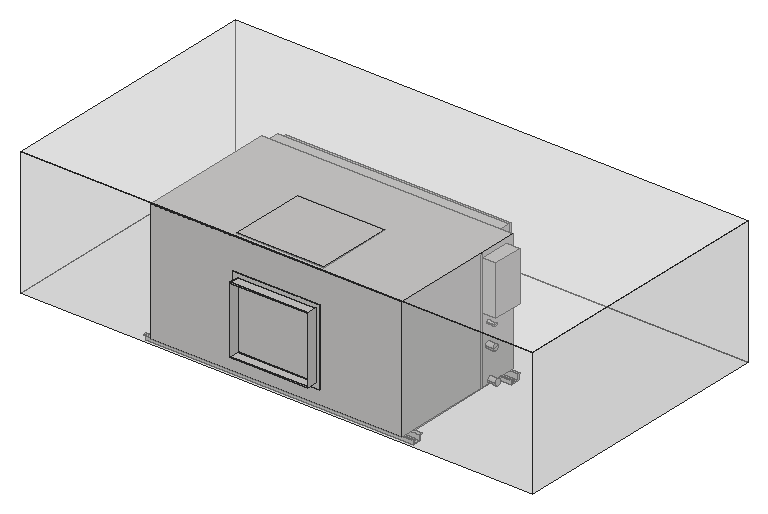
Revit family "outputfile", category 機械設備, Revit 2024
Family settings
  丸型コネクタ寸法 = 半径を使用
  パーツ タイプ = 標準
  OmniClass 番号 = 23.75.10.24.21.27.27
  OmniClass タイトル = Split System Air Conditioning Units
  作業面ベース = いいえ
  常に垂直 = はい
  ロード時にボイドで切り取り = いいえ
  注釈の向きを維持 = いいえ
  共有 = いいえ
  部屋計算ポイント = はい
Parameters (values of type "FDN150HYL")
  Description = ""
  書き出し IFC クラス(タイプ) = "IfcUnitaryEquipmentType"
  定義済み IFC タイプ(タイプ) = "AIRCONDITIONINGUNIT"
  Cost = 0
  Type Comments = ""
  Keynote = ""
  Type Image = (empty or 0)
  Assembly Code = ""
  switch_frequency = yes
  lw_power = 813 mm
  lw_box = 86 mm
  lw_RA = 733.5 mm
  lh_liquidpipe_2 = 738 mm
  lh_height_SA = 408 mm
  lh_ld_mountinghole_height = 35 mm
  lh_height_RA = 646 mm
  lh_hangerfixture = 35 mm
  lh_gaspipe_2 = 638 mm
  lh_box_top = 24 mm
  lh_box = 302 mm
  lh_SA = 351 mm
  lh_RA = 413 mm
  ld_depth_SA = 60 mm
  ld_depth_RA = 130 mm
  ld_box_left = 610 mm
  ld_box = 180 mm
  connector_voltage = Voltage_60Hz  # 380 V
  connector_powerinput = [Power Input (Cooling)]  # 15.110 kW
  connector_phase = Phase_60Hz  # 3
  URL = ""
  Supply Air Direction [instance] = yes
  製造元 = "Daikin"
  モデル = "FDN150HYL"
  w_pipe = 33 mm
  r_Liquid Pipe Size = Liquid Pipe Size / 2  # 7.95 mm
  r_Gas Pipe Size = Gas Pipe Size / 2  # 17.45 mm
  r_Drain Pipe Size = Drain Pipe Size / 2  # 17.0 mm
  lw_width_RA = 1377 mm
  lw_width_SA = 474 mm
  ld_suctionflange [instance] = 190 mm
  ld_powersupply = 275 mm
  Voltage_comment_60Hz = "380"
  Voltage_60Hz = 380 V
  Sound Power Level_H speed (dB) = 0
  Phase_60Hz = 3
  Minimum External Static Pressure = 0.00 Pa
  Minimum Circuit Amps_60Hz = 0.0 A
  Maximum Fuse Amps_60Hz = 0.0 A
  Maximum External Static Pressure = 150.00 Pa
  Material_Casing = DAIKIN_GalvanizedSteel_Casing_indoorunit
  lw_liquidpipe = 822 mm
  lw_gaspipe = 822 mm
  lw_mountinghole_pitch = 1600 mm
  lw_mountinghole = 1640 mm
  lw_drainpipe = 822 mm
  lh_powersupply = 425 mm
  lh_liquidpipe = 384 mm
  lh_gaspipe = 259 mm
  lh_mountinghole = 2.3 mm
  lh_drainpipe = 61 mm
  lh_antena = Height - lh_mountinghole + 1 mm  # 774.7 mm
  ld_liquidpipe = 225 mm
  ld_gaspipe = 225 mm
  ld_mountinghole_pitch = 754 mm
  ld_drainpipe = 242 mm
  h*** = 0 mm  # constant formula
  d_dischargeflange = ld_depth_SA  # 60 mm
  Width = 1540 mm
  Version = "ver.1.0"
  Unit Type = "Duct"
  Unit Mass Weight = 159.00 kg
  Unit Designation [instance] = ""
  Uniclass2015Version = "Products v1.30"
  Uniclass2015Title = "Split coil room air conditioning units"
  Uniclass2015Code = "Pr_70_65_03_86"
  Total Cooling Capacity [instance] = 0.000 kW
  Sound Pressure Level_M speed (dBA) = 0
  Sound Pressure Level_L speed (dBA) = 0
  Sound Pressure Level_H speed (dBA) = 56
  Series = "Package Aircon_Fan Coil Unit"
  Sensible Cooling Capacity [instance] = 0.000 kW
  SA Duct Size Width = 474 mm
  SA Duct Size Height = 408 mm
  Refrigerant Type = "R410A"
  RA Duct Size Width = 1377 mm
  RA Duct Size Height = 646 mm
  Power Input (Cooling) = 15.110 kW
  Option Accessory 3 [instance] = ""
  Option Accessory 2 [instance] = ""
  Option Accessory 1 [instance] = ""
  Nominal Cooling Capacity = 43.962 kW
  Minimum Airflow = 0.00 m³/h
  Median Airflow = 0.00 m³/h
  Maximum Airflow = 7646.00 m³/h
  Load Classification = HVAC
  Liquid Pipe Size = 15.9 mm
  Link_Nested Family [instance] = ""
  IfcVersion = ""
  IfcExportType = "AIRCONDITIONINGUNIT"
  IfcExportAs = "IfcUnitaryEquipmentType"
  Height = 776 mm
  Heat Exchanger Type = "Cross Fin Coil"
  Gas Pipe Size = 34.9 mm
  Frequency_60Hz = 60 Hz
  Fan Type = "Sirocco Fan"
  Fan Drive = "-"
  FCU Tag No. [instance] = ""
  Drain Pipe Size = 34.0 mm
  Design Supply Airflow [instance] = 0.00 m³/h
  Design Return Airflow [instance] = 0.00 m³/h
  Design External Static Pressure [instance] = 0.00 Pa
  Depth = 850 mm
  既定の高さ = 0 mm
  Cooling Entering Wet Bulb Temperature [instance] = 0.00 °C
  Cooling Entering Dry Bulb Temperature [instance] = 0.00 °C
  Cooling Ambient Wet Bulb Temperature [instance] = 0.00 °C
  Cooling Ambient Dry Bulb Temperature [instance] = 0.00 °C
  Clearance visibility [instance] = yes
  Clearance Top = 0 mm
  Clearance Right = 800 mm
  Clearance Rear = 800 mm
  Clearance Left = 800 mm
  Clearance Front = 0 mm
  Clearance Bottom = 0 mm
Reference planes
  plane 1 "Center (Front/Back)": y = 0
  plane 2: z = 0
  plane 3 "Center (Left/Right)": x = 0
  plane 4 "Back": y = 425
  plane 5 "Front": y = -425
  plane 6 "Left": x = -770
  plane 7 "Right": x = 770
  plane 8 "Top": z = 0
  plane 9 "Bottom": z = -776
  plane 10: z = -392
  plane 11: z = -517
  plane 12: x = -800
  plane 13: x = 800
  plane 14: x = 822
  plane 15: x = 822
  plane 16: z = -773.7
  plane 17 "Clearance Left": x = -1570
  plane 18 "Clearance Right": x = 1570
  plane 19 "Clearance Rear": y = 1225
  plane 20 "Clearance Front": y = -425
  plane 21 "Clearance Bottom": z = -776
  plane 22: z = -715
  plane 23 "ld_gas": y = 225
  plane 24: y = 225
  plane 25: y = -30
  plane 26: y = 242
  plane 27: y = 235
  plane 28: x = 822
  plane 29: y = 377
  plane 30: y = -377
  plane 31: y = -485
  plane 32: y = 555
  plane 33 "Clearance Top": z = 0
  plane 34: z = -351
  plane 35: y = 275
  plane 36 "hangerfixture": z = -741
  plane 37 "lh_SA": z = -425
  plane 38 "lh_RA": z = -363
  plane 39 "RA_center": x = -36.5
  plane 40: x = 886
  plane 41: x = 856
  plane 42: y = 185
  plane 43: y = 365
  plane 44 "box_bottom": z = -326
  plane 45 "box_top": z = -24
  plane 46: x = -267
  plane 47: x = 267
  plane 48: y = -394.5
  plane 49: y = 73.5
  plane 50 "lw_power": x = 813
  plane 51: z = -38
  plane 52: z = -138
  plane 53: z = -1
Forms (mm)
  Extrusion 1, solid, material "DAIKIN_GalvanizedSteel_Casing_indoorunit" <- "Material_Casing"
    sketch origin (0, -0.8, 0) x (1, 0, 0) y (0, 1, 0)
      loop
        line (-770, -424.2) -> (770, -424.2) -> (770, 425.8) -> (-770, 425.8) -> (-770, -424.2)
    from -741 to -1
  Revolve 2, solid, material "DAIKIN_GalvanizedSteel_Casing_indoorunit" <- "Material_Casing"
    sketch origin (0, 0, -517) x (0, -1, 0) y (1, 0, 0)
      loop
        line (-207.55, 770) -> (-207.55, 822) -> (-225, 822) -> (-225, 770) -> (-207.55, 770)
      axis (-225, 770) -> (-225, 822)
    angle from 0 to 360
  Revolve 3, solid, material "DAIKIN_GalvanizedSteel_Casing_indoorunit" <- "Material_Casing"
    sketch origin (0, 0, -392) x (0, -1, 0) y (1, 0, 0)
      loop
        line (-225, 770) -> (-225, 822) -> (-232.95, 822) -> (-232.95, 770) -> (-225, 770)
      axis (-225, 822) -> (-225, 770)
    angle from 0 to 360
  Extrusion 4, solid, material "DAIKIN_GalvanizedSteel_Casing_indoorunit" <- "Material_Casing"
    sketch origin (0, 0, 0) x (0, 1, 0) y (0, 0, 1)
      loop
        circle (242, -715) r 17
    from 822 to 770
  Extrusion 5, solid, material "DAIKIN_GalvanizedSteel_Casing_indoorunit" <- "Material_Casing"
    sketch origin (0, 0, 0) x (1, 0, 0) y (0, 1, 0)
      loop
        line (856, 185) -> (856, 365) -> (770, 365) -> (770, 185) -> (856, 185)
    from -326 to -24
  Extrusion 6, solid, material "DAIKIN_GalvanizedSteel_Casing_indoorunit" <- "Material_Casing"
    sketch origin (0, 0, 0) x (-1, 0, 0) y (0, -1, 0)
      loop
        line (267, -73.5) -> (267, 394.5) -> (-267, 394.5) -> (-267, -73.5) -> (267, -73.5)
    from -1 to 0
  Extrusion 7, solid, material "DAIKIN_GalvanizedSteel_Casing_indoorunit" <- "Material_Casing"
    sketch origin (0, 0, 0) x (0, 1, 0) y (0, 0, 1)
      loop
        line (-339, -741) -> (-339, -743.3) -> (339, -743.3) -> (339, -741) -> (-339, -741)
    from -770 to 770
  Extrusion 8, solid, material "DAIKIN_GalvanizedSteel_Casing_indoorunit" <- "Material_Casing"
    sketch origin (770, 0, 0) x (0, 1, 0) y (0, 0, 1)
      loop
        line (174, -1) -> (174, -741) -> (184, -741) -> (184, -1) -> (174, -1)
    from 0 to 1
Dimensions and locks
  equal spacing: plane 12, plane 3 "Center (Left/Right)", plane 13
  "lw_mountinghole_pitch": plane 12 to plane 13
  "lh_liquidpipe": plane 10 to plane 9 "Bottom"
  "lh_gaspipe": plane 11 to plane 9 "Bottom"
  equal spacing: plane 6 "Left", plane 3 "Center (Left/Right)", plane 7 "Right"
  "Width": plane 6 "Left" to plane 7 "Right"
  "Clearance Right": plane 7 "Right" to plane 18 "Clearance Right"
  "Clearance Left": plane 17 "Clearance Left" to plane 6 "Left"
  "Clearance Rear": plane 19 "Clearance Rear" to plane 4 "Back"
  "Clearance Front": plane 5 "Front" to plane 20 "Clearance Front"
  "Depth": plane 4 "Back" to plane 5 "Front"
  equal spacing: plane 4 "Back", plane 1 "Center (Front/Back)", plane 5 "Front"
  "ld_suctionflange": plane 4 "Back" to plane 27
  "r_Liquid Pipe Size": nested 5 to Revolve 3 sketch curve
  equal spacing: plane 29, plane 1 "Center (Front/Back)", plane 30
  "ld_mountinghole_pitch": plane 29 to plane 30
  "lw_liquidpipe": plane 3 "Center (Left/Right)" to plane 14
  "lw_gaspipe": plane 3 "Center (Left/Right)" to plane 15
  "lw_drainpipe": plane 3 "Center (Left/Right)" to plane 28
  "lh_drainpipe": plane 22 to plane 9 "Bottom"
  "Clearance Top": plane 33 "Clearance Top" to plane 8 "Top"
  "Clearance Bottom": plane 9 "Bottom" to plane 21 "Clearance Bottom"
  "lh_powersupply": plane 34 to plane 9 "Bottom"
  level to plane 8 "Top" = 0 mm
  "lh_hangerfixture": plane 36 "hangerfixture" to plane 9 "Bottom"
  "lh_SA": plane 37 "lh_SA" to plane 9 "Bottom"
  "ld_depth_SA": plane 5 "Front" to plane 31
  "ld_depth_RA": plane 32 to plane 4 "Back"
  "lh_RA": plane 38 "lh_RA" to plane 9 "Bottom"
  "lw_RA": plane 6 "Left" to plane 39 "RA_center"
  "ld_box_left": plane 42 to plane 5 "Front"
  "ld_box": plane 43 to plane 42
  "lw_box": plane 7 "Right" to plane 41
  "lh_box": plane 45 "box_top" to plane 44 "box_bottom"
  plane 46 to plane 3 "Center (Left/Right)" to plane 47 = 267 mm locked, 267 mm locked
  plane 49 to plane 48 to plane 5 "Front" = 468 mm locked, 30.5 mm locked
  "lw_power": plane 3 "Center (Left/Right)" to plane 50 "lw_power"
  "lh_gaspipe_2": plane 52 to plane 9 "Bottom"
  "lh_liquidpipe_2": plane 51 to plane 9 "Bottom"
  "ld_powersupply": plane 1 "Center (Front/Back)" to plane 35
  "ld_drainpipe": plane 26 to plane 1 "Center (Front/Back)"
  "ld_gaspipe": plane 23 "ld_gas" to plane 1 "Center (Front/Back)"
  "r_Gas Pipe Size": plane 23 "ld_gas" to Revolve 2 sketch curve
  "ld_liquidpipe": plane 24 to plane 1 "Center (Front/Back)"
  "Height": plane 8 "Top" to plane 9 "Bottom"
  "lh_mountinghole": plane 16 to plane 9 "Bottom"
  "lh_box_top": plane 33 "Clearance Top" to plane 45 "box_top"
  locked: plane 8 "Top" to plane 53 at 1
  Extrusion 8 sketch curve to Extrusion 8 sketch curve to plane 4 "Back" = 10 mm locked, 241 mm locked
  "r_Drain Pipe Size": radius of Extrusion 4 sketch curve
  aligned and locked: level to plane 2
  aligned and locked: Revolve 2 sketch curve to Revolve 2 sketch curve
  aligned and locked: plane 14 to nested 5
  aligned and locked: nested 5 to plane 10
  aligned and locked: plane 13 to nested 2
  aligned and locked: plane 12 to nested 3
  aligned and locked: plane 12 to nested 4
  aligned and locked: nested 6 to plane 11
  aligned and locked: plane 23 "ld_gas" to nested 6
  aligned and locked: plane 24 to nested 5
  aligned and locked: Extrusion 4 sketch curve to plane 26
  aligned and locked: nested 11 to plane 19 "Clearance Rear"
  aligned and locked: plane 18 "Clearance Right" to nested 11
  aligned and locked: plane 17 "Clearance Left" to nested 11
  aligned and locked: nested 11 to plane 20 "Clearance Front"
  aligned and locked: plane 28 to Extrusion 4
  aligned and locked: plane 15 to nested 6  (x2)
  aligned and locked: plane 13 to nested 1
  aligned and locked: plane 26 to nested 7
  aligned and locked: nested 7 to plane 22
  aligned and locked: nested 7 to plane 28
  aligned and locked: nested 9 to plane 1 "Center (Front/Back)"
  aligned and locked: plane 3 "Center (Left/Right)" to nested 9
  aligned and locked: plane 29 to nested 1
  aligned and locked: plane 30 to nested 2
  aligned and locked: nested 4 to plane 29
  aligned and locked: nested 3 to plane 30
  aligned and locked: nested 10 to plane 4 "Back"
  aligned and locked: nested 8 to plane 31
  aligned and locked: plane 32 to nested 14
  aligned and locked: plane 3 "Center (Left/Right)" to nested 13
  aligned and locked: nested 11 to plane 33 "Clearance Top"
  aligned and locked: nested 11 to plane 21 "Clearance Bottom"
  aligned and locked: nested 12 to plane 9 "Bottom"
  aligned and locked: plane 36 "hangerfixture" to Extrusion 1
  aligned and locked: plane 37 "lh_SA" to nested 8
  aligned and locked: Extrusion 1 to plane 5 "Front"
  aligned and locked: nested 13 to plane 31
  aligned and locked: plane 37 "lh_SA" to nested 13
  aligned and locked: Extrusion 1 to plane 4 "Back"
  aligned and locked: plane 38 "lh_RA" to nested 10
  aligned and locked: nested 14 to plane 38 "lh_RA"
  aligned and locked: plane 39 "RA_center" to nested 10
  aligned and locked: nested 14 to plane 39 "RA_center"
  aligned and locked: plane 43 to Extrusion 5 sketch curve
  aligned and locked: Extrusion 5 sketch curve to plane 42
  aligned and locked: plane 45 "box_top" to Extrusion 5
  aligned and locked: Extrusion 5 to plane 44 "box_bottom"
  aligned and locked: Extrusion 6 sketch curve to plane 49
  aligned and locked: Extrusion 6 sketch curve to plane 46
  aligned and locked: plane 48 to Extrusion 6 sketch curve
  aligned and locked: plane 47 to Extrusion 6 sketch curve
  aligned and locked: nested 16 to plane 51
  aligned and locked: nested 17 to plane 52
  aligned and locked: plane 14 to nested 16
  aligned and locked: nested 15 to plane 35
  aligned and locked: Revolve 2 sketch curve to plane 23 "ld_gas"
  aligned and locked: plane 23 "ld_gas" to nested 17
  aligned and locked: plane 24 to nested 16
  aligned and locked: plane 36 "hangerfixture" to Extrusion 7 sketch curve
  aligned and locked: Extrusion 7 sketch curve to nested 12  (x3)
  aligned and locked: Extrusion 7 to plane 6 "Left"
  aligned and locked: plane 7 "Right" to Extrusion 7
  aligned and locked: nested 15 to plane 50 "lw_power"
  aligned and locked: level to plane 8 "Top"
  aligned and locked: Extrusion 5 sketch curve to plane 41
  aligned and locked: plane 7 "Right" to Extrusion 5 sketch curve
  aligned and locked: plane 53 to Extrusion 1
  aligned and locked: Extrusion 6 to plane 53
  aligned and locked: plane 8 "Top" to Extrusion 6
  aligned and locked: Extrusion 4 to plane 7 "Right"
  aligned and locked: Revolve 3 to plane 7 "Right"
  aligned and locked: plane 7 "Right" to Revolve 2
  aligned and locked: nested 15 to plane 45 "box_top"
  aligned and locked: Extrusion 8 sketch curve to plane 36 "hangerfixture"
  aligned and locked: Extrusion 8 sketch curve to plane 53
Automatic sketch dimensions
  Extrusion 1 sketch curve to plane 4 "Back" = 0 mm
  Extrusion 1 sketch curve to plane 6 "Left" = 0 mm
  Extrusion 1 sketch curve to plane 5 "Front" = 0 mm
  Extrusion 1 sketch curve to plane 7 "Right" = 0 mm
  Revolve 3 sketch curve to plane 23 "ld_gas" = 0 mm  (x2)
  Revolve 3 sketch curve to plane 14 = 0 mm  (x2)
  plane 7 "Right" to Revolve 3 sketch curve = 0 mm
  plane 7 "Right" to Revolve 3 sketch curve = 1 mm
  Extrusion 4 sketch curve to plane 22 = 0 mm
  Revolve 2 sketch curve to plane 7 "Right" = 0 mm
  Revolve 2 sketch curve to plane 14 = 0 mm
  Revolve 2 sketch curve to Revolve 2 sketch curve = 2.003 mm
  plane 14 to Revolve 2 sketch curve = 1.003 mm
Nested families
  nested 1: "daikin_mountinghole" at (800, 377, -776), Link_Nested Family <- "Link_Nested Family", h_mountinghole <- "lh_mountinghole", l_antenna <- "lh_antena", type "daikin_mountinghole"
    with show yes, l_antenna 774.7 mm, h_mountinghole 2.3 mm, Link_Nested Family "", d_circle 23 mm
  nested 2: "daikin_mountinghole" at (800, -377, -776), Link_Nested Family <- "Link_Nested Family", h_mountinghole <- "lh_mountinghole", l_antenna <- "lh_antena", type "daikin_mountinghole"
    with show yes, l_antenna 774.7 mm, h_mountinghole 2.3 mm, Link_Nested Family "", d_circle 23 mm
  nested 3: "daikin_mountinghole" at (-800, -377, -776), Link_Nested Family <- "Link_Nested Family", h_mountinghole <- "lh_mountinghole", l_antenna <- "lh_antena", type "daikin_mountinghole"
    with show yes, l_antenna 774.7 mm, h_mountinghole 2.3 mm, Link_Nested Family "", d_circle 23 mm
  nested 4: "daikin_mountinghole" at (-800, 377, -776), Link_Nested Family <- "Link_Nested Family", h_mountinghole <- "lh_mountinghole", l_antenna <- "lh_antena", type "daikin_mountinghole"
    with show yes, l_antenna 774.7 mm, h_mountinghole 2.3 mm, Link_Nested Family "", d_circle 23 mm
  nested 5: "daikin_connector_rotate2" at (0, 225, -392) x (0, 1, 0) z (0, 0, 1), length <- "lw_liquidpipe", built-in parameter 1001364 <- "lh_liquidpipe", radius <- "r_Liquid Pipe Size", type "daikin_connector_rotate2"
    with radius 7.95 mm, length 822 mm, angle_vertical 90.00°
  nested 6: "daikin_connector_rotate2" at (0, 225, -517) x (0, 1, 0) z (0, 0, 1), length <- "lw_gaspipe", built-in parameter 1001364 <- "lh_gaspipe", radius <- "r_Gas Pipe Size", type "daikin_connector_rotate2"
    with radius 17.45 mm, length 822 mm, angle_vertical 90.00°
  nested 7: "daikin_connector_rotate2" at (0, 242, -715) x (0, 1, 0) z (0, 0, 1), built-in parameter 1001364 <- "lh_drainpipe", length <- "lw_drainpipe", radius <- "r_Drain Pipe Size", type "daikin_connector_rotate2"
    with radius 17 mm, length 822 mm, angle_vertical 90.00°
  nested 8: "daikin_connector_rotate2" at (0, -425, -425), length <- "d_dischargeflange", type "daikin_connector_rotate2"
    with radius 10 mm, length 60 mm, angle_vertical 90.00°
  nested 9: "daikin_△_symbolicline" at (-75, -129.904, 9) x (-0.5, 0.866, 0) z (0, 0, 1), visible <- "Supply Air Direction", type "daikin_△_symbolicline"
    with length 300 mm
  nested 10: "daikin_ductflange_FDN-HYL" at (-36.5, 425, -363), material <- "Material_Casing", width <- "lw_width_RA", height <- "lh_height_RA", depth <- "ld_depth_RA", type "daikin_ductflange_FDN-HYL"
    with width 1377 mm, material DAIKIN_GalvanizedSteel_Casing_indoorunit, height 646 mm, depth 130 mm
  nested 11: "daikin_clearancespace" at (0, 400, -387.881), visible <- "Clearance visibility", show <- "Clearance visibility", Link_Nested Family <- "Link_Nested Family", type "daikin_clearancespace"
    with width 3140 mm, show yes, height 776 mm, depth 1650 mm, Link_Nested Family ""
  nested 12: "daikin_hangerfixture_FDN-HYL" at (0, 0, -776), type "daikin_hangerfixture_FDN-HYL"
  nested 13: "daikin_ductflange_FDN-HYL_1" at (0, -416, -614.401), width <- "lw_width_SA", material <- "Material_Casing", height <- "lh_height_SA", depth <- "ld_depth_SA", type "daikin_ductflange_FDN-HYL_1"
    with width 474 mm, material DAIKIN_GalvanizedSteel_Casing_indoorunit, height 408 mm, depth 60 mm
  nested 14: "daikin_connector_rotate2" at (-36.5, 425, -363) x (-1, 0, 0) z (0, 0, 1), length <- "ld_depth_RA", type "daikin_connector_rotate2"
    with radius 10 mm, length 130 mm, angle_vertical 90.00°
  nested 15: "daikin_connector_rotate2" at (813, 275, -24) x (0, 1, 0) z (1, 0, 0), length <- "lh_box", type "daikin_connector_rotate2"
    with radius 10 mm, length 302 mm, angle_vertical 90.00°
  nested 16: "daikin_connector_rotate2" at (0, 225, -38) x (0, 1, 0) z (0, 0, 1), length <- "lw_liquidpipe", built-in parameter 1001364 <- "lh_liquidpipe", radius <- "r_Liquid Pipe Size", type "daikin_connector_rotate2"
    with radius 7.95 mm, length 822 mm, angle_vertical 90.00°
  nested 17: "daikin_connector_rotate2" at (0, 225, -138) x (0, 1, 0) z (0, 0, 1), length <- "lw_gaspipe", built-in parameter 1001364 <- "lh_gaspipe", radius <- "r_Gas Pipe Size", type "daikin_connector_rotate2"
    with radius 17.45 mm, length 822 mm, angle_vertical 90.00°
Connectors
  piping at (822, 225, -517), diameter 34.9, driven by "r_Gas Pipe Size"
    settings: on nested 6, index 1, connector inside diameter 609.6 mm, connector length 0 mm, flow factor 0, pipe flow 0.00 m³/h, pressure drop 0.0 Pa, fitting loss kfactor 0, connector angle 0.00°, fixture units 0, engagement length 0 mm, angle of deflection 0.00°, flow configuration 1, flow direction 2, fitting loss method 0, system type 29, joint type 0, gender type 0, connector reference index -1, connector utility 0, adjustable connector no, is connector primary yes, connector description "Refrigerant Gas Piping"
  piping at (822, 225, -392), diameter 15.9, driven by "r_Liquid Pipe Size"
    settings: on nested 5, index 2, connector inside diameter 609.6 mm, connector length 0 mm, flow factor 0, pipe flow 0.00 m³/h, pressure drop 0.0 Pa, fitting loss kfactor 0, connector angle 0.00°, fixture units 0, engagement length 0 mm, angle of deflection 0.00°, flow configuration 1, flow direction 1, fitting loss method 0, system type 29, joint type 0, gender type 0, connector reference index -1, connector utility 0, adjustable connector no, is connector primary no, connector description "Refrigerant Liquid Piping"
  piping at (822, 242, -715), diameter 34, driven by "r_Drain Pipe Size"
    settings: on nested 7, index 3, connector inside diameter 609.6 mm, connector length 0 mm, flow factor 0, pipe flow 0.00 m³/h, pressure drop 0.0 Pa, fitting loss kfactor 0, connector angle 0.00°, fixture units 0, engagement length 0 mm, angle of deflection 0.00°, flow configuration 1, flow direction 2, fitting loss method 4, system type 16, joint type 0, gender type 0, connector reference index -1, connector utility 0, adjustable connector no, is connector primary no, connector description "Condensate Drain Piping"
  hvac at (0, -485, -425), driven by "SA Duct Size Height", driven by "SA Duct Size Width"
    settings: on nested 8, index 7, duct flow 0.00 m³/h, flow factor 0, pres drop 0.00 Pa, loss coef 0, conn angle 0.00°, conn width 474.0 mm, conn height 408.0 mm, conn diameter 609.6 mm, duct sys type 1, conn prof type 1, flow config 0, flow direction 2, loss method 4, conn ref index -1, conn util no, is conn primary yes, conn desc "SA Duct"
  hvac at (-36.5, 555, -363), driven by "RA Duct Size Width", driven by "RA Duct Size Height"
    settings: on nested 14, index 8, duct flow 0.00 m³/h, flow factor 0, pres drop 0.00 Pa, loss coef 0, conn angle 0.00°, conn width 1377.0 mm, conn height 646.0 mm, conn diameter 609.6 mm, duct sys type 2, conn prof type 1, flow config 0, flow direction 1, loss method 4, conn ref index -1, conn util no, is conn primary no, conn desc "RA Duct"
  electrical at (813, 275, -326), driven by "Load Classification", driven by "connector_phase", driven by "connector_powerinput", driven by "connector_voltage"
    settings: on nested 15, index 9, voltage 380 V, apparent load 15110 VA, apparent load phase1 0 VA, apparent load phase2 0 VA, apparent load phase3 0 VA, power factor 1, load classification "HVAC", number of poles 3, system type 30, power factor state 1, is connector primary yes, connector utility no, sub classification motor no, connector description "Power Supply"
Definition of nested family "daikin_ductflange_FDN-HYL"
  Parameters (values of type "daikin_ductflange_FDN-HTL")
    width [instance] = 1624 mm
    t2 = 19 mm
    t = 1 mm
    material [instance] = none
    height [instance] = 747 mm
    depth [instance] = 130 mm
    Default Elevation = 0 mm
  Reference planes
    plane 1 "Center (Front/Back)": y = 0
    plane 2: z = 0
    plane 3 "Center (Left/Right)": x = 0
    plane 4: x = -812
    plane 5: x = 812
    plane 6: z = 373.5
    plane 7: z = -373.5
    plane 8: y = 90
    plane 9: y = 130
    plane 10: x = -811
    plane 11: x = 811
    plane 12: z = -372.5
    plane 13: z = 372.5
    plane 14: x = -831
    plane 15: x = 831
    plane 16: z = 392.5
    plane 17: z = -392.5
  Forms (mm)
    Extrusion 1, solid, material <- "material"
      sketch origin (0, 0, 0) x (1, 0, 0) y (0, 0, 1)
        loop
          line (-831, 392.5) -> (-831, -392.5) -> (831, -392.5) -> (831, 392.5) -> (-831, 392.5)
        loop
          line (-812, 373.5) -> (-812, -373.5) -> (812, -373.5) -> (812, 373.5) -> (-812, 373.5)
      from 0 to -90
    Extrusion 2, solid, material <- "material"
      sketch origin (0, 0, 0) x (1, 0, 0) y (0, 0, 1)
        loop
          line (-812, 373.5) -> (-812, -373.5) -> (812, -373.5) -> (812, 373.5) -> (-812, 373.5)
        loop
          line (811, 372.5) -> (-811, 372.5) -> (-811, -372.5) -> (811, -372.5) -> (811, 372.5)
      from -130 to -90
  Cuts and joins
    joined: Extrusion 1, Extrusion 2
  Dimensions and locks
    equal spacing: plane 5, plane 3 "Center (Left/Right)", plane 4
    "width": plane 5 to plane 4
    equal spacing: plane 6, level, plane 7
    "height": plane 6 to plane 7
    locked: plane 1 "Center (Front/Back)" to plane 8 at 90
    "depth": plane 1 "Center (Front/Back)" to plane 9
    "t": plane 6 to plane 13
    "t": plane 12 to plane 7
    "t": plane 5 to plane 11
    "t": plane 10 to plane 4
    "t2": plane 4 to plane 14
    "t2": plane 15 to plane 5
    "t2": plane 16 to plane 6
    "t2": plane 7 to plane 17
    aligned and locked: level to plane 2
    aligned and locked: Extrusion 1 to plane 8
    aligned and locked: plane 1 "Center (Front/Back)" to Extrusion 1
    aligned and locked: Extrusion 2 to plane 9
    aligned and locked: Extrusion 2 to Extrusion 1
    aligned and locked: plane 13 to Extrusion 2 sketch curve
    aligned and locked: plane 11 to Extrusion 2 sketch curve
    aligned and locked: Extrusion 2 sketch curve to plane 12
    aligned and locked: Extrusion 2 sketch curve to plane 10
    aligned and locked: Extrusion 1 sketch curve to plane 16
    aligned and locked: plane 14 to Extrusion 1 sketch curve
    aligned and locked: plane 17 to Extrusion 1 sketch curve
    aligned and locked: Extrusion 1 sketch curve to plane 15
    aligned and locked: Extrusion 1 sketch curve to plane 6
    aligned and locked: Extrusion 1 sketch curve to plane 5
    aligned and locked: plane 4 to Extrusion 1 sketch curve
    aligned and locked: plane 7 to Extrusion 1 sketch curve
  Automatic sketch dimensions
    Extrusion 2 sketch curve to plane 4 = 0 mm
    Extrusion 2 sketch curve to plane 5 = 0 mm
    Extrusion 2 sketch curve to plane 7 = 0 mm
    Extrusion 2 sketch curve to plane 6 = 0 mm
Definition of nested family "daikin_clearancespace"
  Parameters (values of type "daikin_clearancespace")
    Description = "daikin_clearancespace"
    width [instance] = 1823.963 mm
    show [instance] = yes
    material = none
    height [instance] = 1359.762 mm
    depth [instance] = 880 mm
    Default Elevation = 0 mm
    Link_Nested Family [instance] = ""
  Reference planes
    plane 1 "Center (Front/Back)": y = 0
    plane 2 "Center (Elevation)": z = -0.119
    plane 3 "Center (Left/Right)": x = 0
    plane 4: y = 440
    plane 5: y = -440
    plane 6 "Right": x = 911.982
    plane 7 "Left": x = -911.982
    plane 8 "Top": z = 679.762
    plane 9 "Bottom": z = -680
  Forms (mm)
    Extrusion 1, solid, material <- "material", visible <- "show"
      sketch origin (0, 0, 0) x (1, 0, 0) y (0, 1, 0)
        loop
          line (-911.982, 440) -> (-911.982, -440) -> (911.982, -440) -> (911.982, 440) -> (-911.982, 440)
      from -680 to 679.762
  Lines and regions (mm)
    symbolic lines, visible <- "show"
      curve 1: line (911.982, 440, 0) -> (-911.982, 440, 0)
      curve 2: line (-911.982, 440, 0) -> (-911.982, -440, 0)
      curve 3: line (-911.982, -440, 0) -> (911.982, -440, 0)
      curve 4: line (911.982, -440, 0) -> (911.982, 440, 0)
      curve 5: line (911.982, 0, 679.762) -> (-911.982, 0, 679.762)
      curve 6: line (911.982, 0, -680) -> (911.982, 0, 679.762)
      curve 7: line (-911.982, 0, -680) -> (911.982, 0, -680)
      curve 8: line (-911.982, 0, 679.762) -> (-911.982, 0, -680)
      curve 9: line (0, 440, 679.762) -> (0, -440, 679.762)
      curve 10: line (0, -440, 679.762) -> (0, -440, -680)
      curve 11: line (0, 440, -680) -> (0, 440, 679.762)
      curve 12: line (0, -440, -680) -> (0, 440, -680)
  Dimensions and locks
    "width": plane 7 "Left" to plane 6 "Right"
    "depth": plane 4 to plane 5
    "height": plane 8 "Top" to plane 9 "Bottom"
    equal spacing: plane 7 "Left", plane 3 "Center (Left/Right)", plane 6 "Right"
    equal spacing: plane 4, plane 1 "Center (Front/Back)", plane 5
    equal spacing: plane 8 "Top", plane 2 "Center (Elevation)", plane 9 "Bottom"
    aligned and locked: level to plane 2 "Center (Elevation)"
    aligned and locked: Extrusion 1 sketch curve to plane 4
    aligned and locked: plane 7 "Left" to Extrusion 1 sketch curve
    aligned and locked: Extrusion 1 sketch curve to plane 5
    aligned and locked: Extrusion 1 sketch curve to plane 6 "Right"
    aligned and locked: plane 8 "Top" to Extrusion 1
    aligned and locked: curve 1 to Extrusion 1
    aligned and locked: curve 2 to Extrusion 1
    aligned and locked: curve 3 to Extrusion 1
    aligned and locked: curve 4 to Extrusion 1
    aligned and locked: curve 5 to Extrusion 1
    aligned and locked: curve 6 to Extrusion 1
    aligned and locked: curve 7 to Extrusion 1
    aligned and locked: curve 8 to Extrusion 1
    aligned and locked: curve 9 to Extrusion 1
    aligned and locked: curve 10 to Extrusion 1
    aligned and locked: curve 11 to Extrusion 1
    aligned and locked: curve 12 to Extrusion 1
    aligned and locked: Extrusion 1 to plane 9 "Bottom"
Definition of nested family "daikin_hangerfixture_FDN-HYL"
  Parameters (values of type "daikin_hangerfixture_FDN-HTL")
    width = 1600 mm
    material = none
    height = 35 mm
    e = 38 mm
    depth = 754 mm
    Default Elevation = 0 mm
    G = 1640 mm
    E = 50 mm
  Reference planes
    plane 1 "Center (Front/Back)": y = 0
    plane 2: z = 0
    plane 3 "Center (Left/Right)": x = 0
    plane 4: x = 800
    plane 5: x = -800
    plane 6: z = 35
    plane 7: y = 377
    plane 8: y = -377
    plane 9: x = -820
    plane 10: x = 820
    plane 11: y = 415
    plane 12: y = -415
    plane 13: y = -339
    plane 14: y = 339
  Forms (mm)
    Extrusion 1, solid
      sketch origin (0, 0, 0) x (0, 1, 0) y (0, 0, 1)
        loop
          line (-354, 35) -> (-354, 2.3) -> (-400, 2.3) -> (-400, 35) -> (-415, 35) -> (-415, 32.7) -> (-402.3, 32.7) -> (-402.3, 0) -> (-351.7, 0) -> (-351.7, 32.7) -> (-339, 32.7) -> (-339, 35) -> (-354, 35)
        loop
          line (354, 35) -> (339, 35) -> (339, 32.7) -> (351.7, 32.7) -> (351.7, 0) -> (402.3, 0) -> (402.3, 32.7) -> (415, 32.7) -> (415, 35) -> (400, 35) -> (400, 2.3) -> (354, 2.3) -> (354, 35)
      from -820 to 820
    Extrusion 2, void
      sketch origin (0, 0, 0) x (1, 0, 0) y (0, 1, 0)
        loop
          circle (-800, 377) r 7.5
        loop
          circle (-800, -377) r 7.5
        loop
          circle (800, -377) r 7.5
        loop
          circle (800, 377) r 7.5
      from 0 to 9
  Cuts and joins
    Extrusion 2 cuts Extrusion 1
  Dimensions and locks
    "width": plane 5 to plane 4
    equal spacing: plane 5, plane 3 "Center (Left/Right)", plane 4
    "depth": plane 8 to plane 7
    equal spacing: plane 8, plane 1 "Center (Front/Back)", plane 7
    "height": plane 6 to level
    "e": plane 7 to plane 11
    "e": plane 12 to plane 8
    equal spacing: Extrusion 1 sketch curve, plane 8, Extrusion 1 sketch curve  (x2)
    "e": Extrusion 1 sketch curve to plane 8 to Extrusion 1 sketch curve
    locked: Extrusion 1 sketch curve to level at 2.3  (x2)
    "e": plane 7 to Extrusion 1 sketch curve  (x2)
    equal spacing: Extrusion 1 sketch curve, plane 7, Extrusion 1 sketch curve  (x2)
    equal spacing: plane 9, plane 3 "Center (Left/Right)", plane 10
    "G": plane 9 to plane 10
    aligned and locked: level to plane 2
    aligned and locked: plane 6 to Extrusion 1 sketch curve  (x2)
    aligned and locked: Extrusion 1 sketch curve to level
    aligned and locked: level to Extrusion 1 sketch curve
    aligned and locked: Extrusion 1 to plane 9
    aligned and locked: plane 10 to Extrusion 1
    aligned and locked: plane 7 to Extrusion 2 sketch curve  (x2)
    aligned and locked: plane 5 to Extrusion 2 sketch curve  (x2)
    aligned and locked: plane 8 to Extrusion 2 sketch curve  (x2)
    aligned and locked: plane 4 to Extrusion 2 sketch curve  (x2)
    aligned and locked: cut or joined group of Extrusion 1, Extrusion 2 to plane 14  (x2)
    aligned and locked: plane 13 to cut or joined group of Extrusion 1, Extrusion 2
  Automatic sketch dimensions
    Extrusion 1 sketch curve to plane 6 = 0 mm  (x2)
    Extrusion 1 sketch curve to plane 6 = 2.3 mm  (x3)
    Extrusion 1 sketch curve to plane 12 = 12.7 mm
    Extrusion 1 sketch curve to Extrusion 1 sketch curve = 2.3 mm  (x3)
    plane 14 to Extrusion 1 sketch curve = 12.7 mm
    radius of Extrusion 2 sketch curve = 7.5 mm  (x4)
Definition of nested family "daikin_ductflange_FDN-HYL_1"
  Parameters (values of type "daikin_ductflange_FDN-HTL_1")
    width [instance] = 474 mm
    t3 = 9 mm
    t2 = 30 mm
    t [instance] = 1.2 mm
    material [instance] = none
    height [instance] = 408 mm
    depth [instance] = 60 mm
    Default Elevation = 0 mm
  Reference planes
    plane 1 "Center (Front/Back)": y = 0
    plane 2: z = 189.401
    plane 3 "Center (Left/Right)": x = 0
    plane 4: y = 0
    plane 5: y = -69
    plane 6: y = -9
    plane 7: z = 394.601
    plane 8: z = -15.799
    plane 9: x = -237
    plane 10: x = 237
    plane 11: x = -238.2
    plane 12: x = 238.2
    plane 13: z = 393.401
    plane 14: z = -14.599
    plane 15: x = -267
    plane 16: z = 423.401
    plane 17: z = -44.599
    plane 18: x = 267
  Forms (mm)
    Extrusion 1, solid, material <- "material"
      sketch origin (0, 0, 0) x (1, 0, 0) y (0, 0, 1)
        loop
          line (-238.2, 394.601) -> (-238.2, -15.799) -> (238.2, -15.799) -> (238.2, 394.601) -> (-238.2, 394.601)
        loop
          line (-237, 393.401) -> (-237, -14.599) -> (237, -14.599) -> (237, 393.401) -> (-237, 393.401)
      from 9 to 69
    Extrusion 2, solid, material <- "material"
      sketch origin (0, 0, 0) x (1, 0, 0) y (0, 0, 1)
        loop
          line (-267, 423.401) -> (-267, -44.599) -> (267, -44.599) -> (267, 423.401) -> (-267, 423.401)
        loop
          line (-237, 393.401) -> (-237, -14.599) -> (237, -14.599) -> (237, 393.401) -> (-237, 393.401)
      from 0 to 9
  Cuts and joins
    joined: Extrusion 1, Extrusion 2
  Dimensions and locks
    plane 4 to plane 1 "Center (Front/Back)" = 0 mm
    equal spacing: plane 7, level, plane 8
    "height": plane 13 to plane 14
    equal spacing: plane 10, plane 3 "Center (Left/Right)", plane 9
    "t": plane 9 to plane 11
    "t": plane 12 to plane 10
    "t": plane 7 to plane 13
    "t": plane 14 to plane 8
    "t2": plane 9 to plane 15
    "t2": plane 18 to plane 10
    "t2": plane 16 to plane 13
    "t2": plane 14 to plane 17
    "width": plane 10 to plane 9
    "depth": plane 5 to plane 6
    "t3": plane 6 to plane 4
    aligned and locked: level to plane 2
    aligned and locked: Extrusion 1 sketch curve to plane 7
    aligned and locked: plane 11 to Extrusion 1 sketch curve
    aligned and locked: plane 8 to Extrusion 1 sketch curve
    aligned and locked: Extrusion 1 sketch curve to plane 12
    aligned and locked: Extrusion 1 sketch curve to plane 13
    aligned and locked: plane 9 to Extrusion 1 sketch curve
    aligned and locked: plane 14 to Extrusion 1 sketch curve
    aligned and locked: Extrusion 1 sketch curve to plane 10
    aligned and locked: plane 6 to Extrusion 1
    aligned and locked: Extrusion 1 to plane 5
    aligned and locked: Extrusion 2 sketch curve to plane 16
    aligned and locked: plane 15 to Extrusion 2 sketch curve
    aligned and locked: plane 17 to Extrusion 2 sketch curve
    aligned and locked: Extrusion 2 sketch curve to plane 18
    aligned and locked: Extrusion 2 sketch curve to Extrusion 1  (x4)
    aligned and locked: Extrusion 2 to plane 1 "Center (Front/Back)"
    aligned and locked: Extrusion 2 to plane 6
  Automatic sketch dimensions
    Extrusion 2 sketch curve to plane 15 = 0 mm
Definition of nested family "daikin_mountinghole"
  Parameters (values of type "daikin_mountinghole")
    Default Elevation = 1219.2 mm
    Type Comments = "mountinghole"
    show [instance] = yes
    material = none
    l_centerline = 100 mm
    l_antenna [instance] = 100 mm
    h_mountinghole [instance] = 0 mm
    d_circle = 30 mm
    Link_Nested Family [instance] = ""
  Reference planes
    plane 1 "Center (Front/Back)": y = 0
    plane 2: z = 0
    plane 3 "Center (Left/Right)": x = 0
    plane 4: y = 50
    plane 5: x = -50
    plane 6: x = 50
    plane 7: y = -50
    plane 8 "h_mountinghole": z = 0
    plane 9: z = 100
  Lines and regions (mm)
    model lines, detail levels fine
      curve 1: circle (0, 0, 0) r 15 normal (0, 0, 1)
      curve 2: line (-50, 0, 0) -> (50, 0, 0)
      curve 3: line (0, 50, 0) -> (0, -50, 0)
    symbolic lines, detail levels fine
      curve 4: circle (0, 0, 0) r 15 normal (0, 0, 1)
      curve 5: line (-50, 0, 0) -> (50, 0, 0)
      curve 6: line (0, 50, 0) -> (0, -50, 0)
    model lines
      curve 7: line (0, 0, 100) -> (0, 0, 0)
  Dimensions and locks
    equal spacing: plane 4, plane 1 "Center (Front/Back)", plane 7
    "l_centerline": plane 4 to plane 7
    equal spacing: plane 5, plane 3 "Center (Left/Right)", plane 6
    "l_centerline": plane 5 to plane 6
    "l_antenna": plane 9 to plane 8 "h_mountinghole"
    "h_mountinghole": plane 8 "h_mountinghole" to plane 2
    "d_circle": diameter of curve 1
    "d_circle": diameter of curve 4
    aligned and locked: level to plane 2
    aligned and locked: plane 1 "Center (Front/Back)" to curve 1
    aligned and locked: plane 3 "Center (Left/Right)" to curve 1
    aligned and locked: plane 1 "Center (Front/Back)" to curve 2
    aligned and locked: curve 3 to plane 3 "Center (Left/Right)"
    aligned and locked: plane 6 to curve 2
    aligned and locked: plane 5 to curve 2
    aligned and locked: plane 4 to curve 3
    aligned and locked: plane 7 to curve 3
    aligned and locked: plane 1 "Center (Front/Back)" to curve 4
    aligned and locked: plane 3 "Center (Left/Right)" to curve 4
    aligned and locked: plane 6 to curve 5
    aligned and locked: plane 5 to curve 5
    aligned and locked: plane 1 "Center (Front/Back)" to curve 5
    aligned and locked: plane 4 to curve 6
    aligned and locked: plane 7 to curve 6
    aligned and locked: curve 6 to plane 3 "Center (Left/Right)"
    aligned and locked: curve 7 to plane 3 "Center (Left/Right)"
    aligned and locked: plane 9 to curve 7
    aligned and locked: plane 8 "h_mountinghole" to curve 7
Definition of nested family "daikin_connector_rotate2"
  Parameters (values of type "daikin_connector_rotate2")
    show_face = no
    radius [instance] = 10 mm
    length [instance] = 600 mm
    d_surface = 10 mm
    angle_vertical [instance] = 90.00°
    Default Elevation = 0 mm
  Reference planes
    plane 1 "Center (Front/Back)": y = 0
    plane 2: z = 0
    plane 3 "Center (Left/Right)": x = 0
  Forms (mm)
    Extrusion 1, solid, visible <- "show_face"
      sketch origin (0, -600, 0) x (1, 0, 0) y (0, 0, 1)
        loop
          circle (0, 0) r 10
      from 0 to -10
  Lines and regions (mm)
    reference lines
      curve 1: line (0, 0, 0) -> (0, -600, 0)
    symbolic lines
      curve 2: circle (0, 0, 0) r 5 normal (0, 0, 1)
    model lines, visible <- "show_face"
      curve 3: line (0, 0, 0) -> (0, -600, 0)
  Dimensions and locks
    "length": curve 1 to curve 1
    "length": curve 3 to curve 3
    "d_surface": Extrusion 1 to Extrusion 1
    "radius": radius of Extrusion 1 sketch curve
    "angle_vertical": angle curve 1 to plane 1 "Center (Front/Back)"
    "angle_vertical": angle curve 3 to plane 1 "Center (Front/Back)"
    aligned and locked: level to plane 2
    aligned and locked: plane 1 "Center (Front/Back)" to curve 1
    aligned and locked: plane 2 to curve 1
    aligned and locked: plane 1 "Center (Front/Back)" to curve 2
    aligned and locked: plane 3 "Center (Left/Right)" to curve 2
    aligned and locked: plane 1 "Center (Front/Back)" to curve 3
    aligned and locked: plane 2 to curve 3
    aligned and locked: Extrusion 1 to Extrusion 1
  Automatic sketch dimensions
    Extrusion 1 sketch curve to level = 0 mm
    Extrusion 1 sketch curve to plane 3 "Center (Left/Right)" = 0 mm
    radius of curve 2 = 5 mm
Definition of nested family "daikin_△_symbolicline"
  Parameters (values of type "daikin_△_symbolicline")
    length [instance] = 500 mm
    Default Elevation = 0 mm
  Reference planes
    plane 1 "Center (Front/Back)": y = 0
    plane 2: z = 0
    plane 3 "Center (Left/Right)": x = 0
  Lines and regions (mm)
    symbolic lines
      curve 1: line (0, -433.013, 0) -> (250, 0, 0)
      curve 2: line (250, 0, 0) -> (-250, 0, 0)
      curve 3: line (-250, 0, 0) -> (0, -433.013, 0)
  Dimensions and locks
    equal spacing: curve 3, plane 3 "Center (Left/Right)", curve 2
    "length": curve 3 to curve 2
    "length": curve 3 to curve 3
    "length": curve 1 to curve 1
    aligned and locked: level to plane 2
    aligned and locked: curve 2 to plane 1 "Center (Front/Back)"
    aligned and locked: plane 3 "Center (Left/Right)" to curve 3
